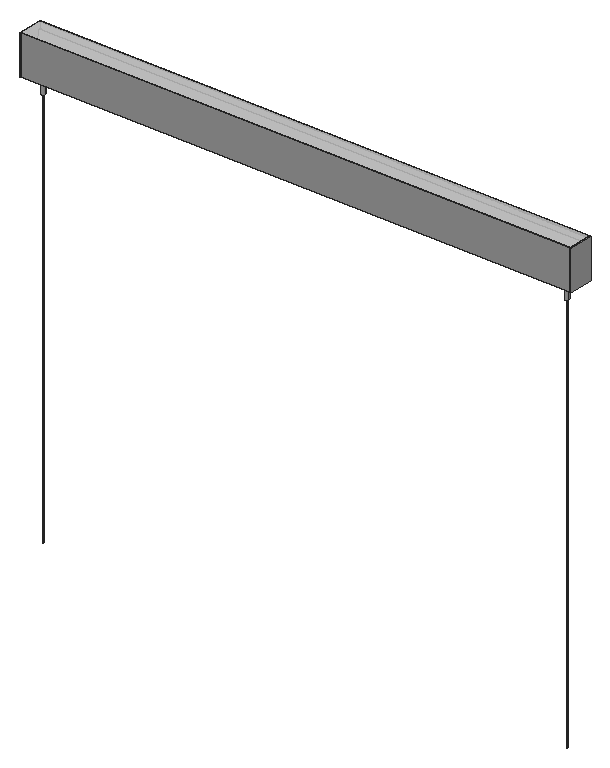
Revit family "2093151 Sylvania Lighting Fixture MC2-KIT 1-2M 3K DALI WHT PROS", category Lighting Fixtures, host Face, Revit 2016
Family settings
  Host = Face
  Part Type = Normal
  Round Connector Dimension = Use Diameter
  OmniClass Number = 23.80.70.11.17
  OmniClass Title = Specialized Lighting by Location or Use
  Cut with Voids When Loaded = No
  Light Source = Yes
  Shared = No
  Room Calculation Point = No
Parameters (values of type "2093151 MC2-KIT 1.2M 3K DALI WHT PRIS")
  Width_SYL = 54.0 mm
  Weight = "3.4 kg"
  Wattage = 21 W
  WarrantyStartDate [instance] = "n/a"
  WarrantyGuarantorParts = "n/a"
  WarrantyDurationUnit = "n/a"
  WarrantyDurationParts = "n/a"
  WarrantyDescription = "n/a"
  built-in parameter 1150110 = 1 (stored number, unit not read)
  Voltage = 0 V
  URL = "http://www.sylvania-lighting.com"
  TypeName = "MC2-KIT 1.2M 3K DALI WHT PRIS"
  built-in parameter 1114217 = 1 (stored number, unit not read)
  Tilt Angle = -90.00°
  built-in parameter 1150109 = 1 (stored number, unit not read)
  built-in parameter 1150134 = (empty or 0)
  built-in parameter 1150113 = 1 (stored number, unit not read)
  SerialNumber [instance] = "n/a"
  PowerFactor = 0.98
  PowerConsumption = "21 W"
  NominalWidth = 0.0 mm
  NominalLength = 1200.0 mm
  NominalHeight = 86.0 mm
  Name = "MC2-KIT 1.2M 3K DALI WHT PRIS"
  ModelReference = "MC2-KIT 1.2M 3K DALI WHT PRIS"
  ModelNumber = "2093151"
  Material_3_SYL = Metal_Sylvania_Mini Contiuum II_Silver
  Photometric Web File = "2093151.ies"
  Material_4_SYL = Metal_Sylvania_Mini Contiuum II_Silver
  MountingHeight_SYL [instance] = 1000.0 mm
  Material = "aluminium housing, polycarbonate diffuser"
  ManufacturerName = "Feilo Sylvania"
  LuminousEfficacy = "100 lm/W"
  LuminaireType = ""
  LightOutputRatio = "100"
  Length_SYL = 1200.0 mm
  LampsType = Lamp  # "LED"
  LampNominalLuminous = "2095 lm"
  LampMacAdamStep = "3"
  LampColourTemperature = "3000 K"
  LampColourRenderingIndex = "80"
  Keynote = "16500"
  InstallationDate [instance] = "n/a"
  InputVoltage = "n/a"
  InputNominalFrequency = "n/a"
  IngressProtection = "IP20"
  ImpactProtectionIndex = "n/a"
  IfcExportType = "IfcLightFixtureType"
  IfcExportAs = "IfcLightFixtureType"
  Height_SYL = 86.0 mm
  ExpectedLife = 50000
  Emit from Rectangle Width = Width_SYL - 2.0 mm  # 52.0 mm
  Emit from Rectangle Length = Length_SYL  # 1200.0 mm
  Emit Shape Visible in Rendering = no
  ElectricShockClassification = "Class I"
  DurationUnit = "hours"
  DocumentationLiterature = "http://www.sylvania-lighting.com/product/en-int/products/2093151"
  DimmingControlOptions = "n/a"
  CreatedOn = "10/15/2018"
  CreatedBy = "@sylvania-lighting.com"
  built-in parameter 1114216 [instance] = 1 (stored number, unit not read)
  Model = "MC2-KIT 1.2M 3K DALI WHT PRIS"
  Manufacturer = "Feilo Sylvania"
  built-in parameter 1150105 = 167.11 (stored number, unit not read)
  Lumens = 2100 lm
  built-in parameter 1150115 = 1 (stored number, unit not read)
  built-in parameter 1150137 = (empty or 0)
  built-in parameter 1150139 = (empty or 0)
  built-in parameter 1150112 = 1 (stored number, unit not read)
  built-in parameter 1150114 = 1 (stored number, unit not read)
  Lamp = "LED"
  built-in parameter 1150132 = 2
  built-in parameter 1150102 = (empty or 0)
  built-in parameter 1150107 = 3000 (stored number, unit not read)
  built-in parameter 1150138 = (empty or 0)
  built-in parameter 1150106 = 1.6711 (stored number, unit not read)
  Material_1_SYL = Metal_Sylvania_Mini Continuum II_White
  built-in parameter 1150104 = 9.2903 (stored number, unit not read)
  Dimming Lamp Color Temperature Shift = <None>
  Material_2_SYL = Polycarbonate_Sylvania_Mini Continuum II_Opal_4000K
  Description = "2093151   MC2-KIT 1.2M 3K DALI WHT PRIS  Continuous lines of LED light, white RAL 9016, direct distribution, suspended kit version is pre-wired and supplied complete with end caps and suspension cables, compact and minimalist design based on the Golden Mean, ideal for offices, meeting rooms, corridors, education facilities, museums and libraries, extruded aluminium body, diffuser: micro prismatic, colour temperature: 3000K warm white, total system power: 21W, total fixture output: 2095lm, luminaire efficacy: 100lm/W, LOR: 100%, colour rendering: Ra >80, LED Chromacity: 1 step MacAdam ellipse, lifetime: 60,000 hours at 90% of the original output (L90), energy class: A++, A+, A, IR/UV free light source without heat radiation, operating voltage: 220-240V / 50-60Hz, drive current: 800mA, electronic driver, DALI dimmable, electrical protection: CLASS I, IP20, suitable for internal environment only."
  Default Elevation = 0.0 mm
  Color Filter = 16777215
  built-in parameter 1140040 [instance] = 1
  BarCode [instance] = "n/a"
  built-in parameter 1114218 = 1 (stored number, unit not read)
  built-in parameter 1150133 = 10 (stored number, unit not read)
  AssetType = "Fixed"
  AssetIdentifier [instance] = "n/a"
  Assembly Code = "D5020200"
  Apparent Load = 21 VA
Reference planes
  plane 1 "Center (Front/Back)": y = 0
  plane 2 "Bottom Fixtures": z = 0
  plane 3 "Center (Left/Right)": x = 0
  plane 4 "Fixture Left": x = -600
  plane 5 "Fixture Right": x = 600
  plane 6 "Fixture Bottom": z = 1000
  plane 7: z = 998
  plane 8: z = 996
  plane 9: z = 986.951
  plane 10: z = 956.951
  plane 11 "Fixture Top": z = 914
  plane 12 "Mounting Right": x = 572
  plane 13 "Mounting Left": x = -572
  plane 14: z = 879
  plane 15: y = 27
  plane 16: y = -27
  plane 17: y = -26
  plane 18: y = -25
  plane 19: y = 26
  plane 20: y = 25
  plane 21: y = 11
  plane 22: y = -11
  plane 23: y = 24
  plane 24: y = 22
  plane 25: y = -22
  plane 26: y = 15
  plane 27: y = -15
  plane 28 "Upper Diffuser Left": x = -450
  plane 29 "Upper Diffuser Right": x = 450
  plane 30: x = -602
  plane 31: x = 602
Forms (mm)
  Extrusion 1, solid, material "Metal_Sylvania_Mini Continuum II_White" <- "Material_1_SYL", detail levels fine
    sketch origin (0, 0, 520) x (0, 1, 0) y (0, 0, 1)
      loop
        line (27, 480) -> (26, 480) -> (26, 478) -> (25, 478) -> (25, 396) -> (13, 396) -> (13, 398) -> (-13, 398) -> (-13, 396) -> (-25, 396) -> (-25, 478) -> (-26, 478) -> (-26, 480) -> (-27, 480) -> (-27, 394) -> (-11, 394) -> (-11, 396) -> (11, 396) -> (11, 394) -> (27, 394) -> (27, 480)
    from -600 to 600
  Extrusion 2, solid, material "Polycarbonate_Sylvania_Mini Continuum II_Opal_4000K" <- "Material_2_SYL", detail levels fine
    sketch origin (0, 0, 520) x (0, 1, 0) y (0, 0, 1)
      loop
        line (-26, 480) -> (-26, 478) -> (26, 478) -> (26, 480) -> (-26, 480)
    from -600 to 600
  Extrusion 3, solid, material "Metal_Sylvania_Mini Contiuum II_Silver" <- "Material_3_SYL", detail levels fine
    sketch origin (0, 0, 520) x (0, 1, 0) y (0, 0, 1)
      loop
        line (22, 466.951) -> (20.973, 466.951) -> (14.206, 437.951) -> (11, 437.951) -> (11, 436.951) -> (15, 436.951) -> (22, 466.951)
      loop
        line (-15, 436.951) -> (-11, 436.951) -> (-11, 437.951) -> (-14.206, 437.951) -> (-20.973, 466.951) -> (-22, 466.951) -> (-15, 436.951)
    from -600 to 600
  Extrusion 4, solid, material "Metal_Sylvania_Mini Continuum II_White" <- "Material_1_SYL", detail levels coarse+medium
    sketch origin (0, 0, 520) x (0, 1, 0) y (0, 0, 1)
      loop
        line (-27, 480) -> (-27, 394) -> (27, 394) -> (27, 480) -> (-27, 480)
    from -600 to 600
  Extrusion 5, solid, material "Metal_Sylvania_Mini Contiuum II_Silver" <- "Material_4_SYL", detail levels fine
    sketch origin (0, 0, -86) x (-1, 0, 0) y (0, -1, 0)
      loop
        circle (572, 0) r 4
      loop
        circle (-572, 0) r 4
    from 965 to 1002
  Extrusion 6, solid, material "Metal_Sylvania_Mini Contiuum II_Silver" <- "Material_4_SYL", detail levels fine
    sketch origin (0, 0, -86) x (-1, 0, 0) y (0, -1, 0)
      loop
        circle (-572, 0) r 1
      loop
        circle (572, 0) r 1
    from 86 to 965
  Extrusion 7, solid, material "Metal_Sylvania_Mini Continuum II_White" <- "Material_1_SYL"
    sketch origin (-600, 171.684, 1219.2) x (0, 1, 0) y (0, 0, 1)
      loop
        line (-198.684, -305.2) -> (-144.684, -305.2) -> (-144.684, -219.2) -> (-198.684, -219.2) -> (-198.684, -305.2)
    from 0 to -2
  Extrusion 8, solid, material "Metal_Sylvania_Mini Continuum II_White" <- "Material_1_SYL"
    sketch origin (600, 171.684, 1219.2) x (0, 1, 0) y (0, 0, -1)
      loop
        line (-144.684, 219.2) -> (-144.684, 305.2) -> (-198.684, 305.2) -> (-198.684, 219.2) -> (-144.684, 219.2)
    from 0 to -2
Lines and regions (mm)
  Masking region 1
    outline origin (0, 0, -86) x (-1, 0, 0) y (0, -1, 0)
      loop
        line (600, -27) -> (600, 27) -> (-600, 27) -> (-600, -27) -> (600, -27)
  symbolic lines, detail levels fine
    curve 1: line (-600, 26, -86) -> (600, 26, -86)
    curve 2: line (-600, -26, -86) -> (600, -26, -86)
  model lines, detail levels coarse+medium
    curve 3: line (-572, 0, 914) -> (-572, 0, 0)
    curve 4: line (572, 0, 914) -> (572, 0, 0)
Dimensions and locks
  host sketch curve to plane 3 "Center (Left/Right)" to host sketch curve = 820.0 mm, 775.047 mm
  equal spacing: plane 4 "Fixture Left", plane 3 "Center (Left/Right)", plane 5 "Fixture Right"
  "Length_SYL": plane 4 "Fixture Left" to plane 5 "Fixture Right"
  plane 6 "Fixture Bottom" to plane 7 to plane 8 to plane 9 to plane 10 = 2.0 mm locked, 2.0 mm locked, 9.049 mm locked, 30.0 mm locked
  locked: Extrusion 1 sketch curve to Extrusion 1 sketch curve at 2
  locked: Extrusion 1 sketch curve to plane 11 "Fixture Top" at 2
  "Height_SYL": plane 6 "Fixture Bottom" to plane 11 "Fixture Top"
  locked: plane 12 "Mounting Right" to plane 5 "Fixture Right" at 28
  locked: plane 4 "Fixture Left" to plane 13 "Mounting Left" at 28
  locked: plane 11 "Fixture Top" to plane 14 at 35
  "MountingHeight_SYL": plane 6 "Fixture Bottom" to plane 2 "Bottom Fixtures"
  equal spacing: plane 15, plane 1 "Center (Front/Back)", plane 16
  "Width_SYL": plane 15 to plane 16
  plane 22 to plane 27 to plane 25 to plane 18 to plane 17 to plane 16 = 4.0 mm locked, 7.0 mm locked, 3.0 mm locked, 1.0 mm locked, 1.0 mm locked
  plane 15 to plane 19 to plane 20 to plane 23 to plane 24 to plane 26 to plane 21 = 1.0 mm locked, 1.0 mm locked, 1.0 mm locked, 2.0 mm locked, 7.0 mm locked, 4.0 mm locked
  locked: plane 4 "Fixture Left" to plane 28 "Upper Diffuser Left" at 150
  locked: plane 29 "Upper Diffuser Right" to plane 5 "Fixture Right" at 150
  equal spacing: plane 30, plane 3 "Center (Left/Right)", plane 31
  locked: plane 30 to plane 4 "Fixture Left" at 2
  aligned and locked: plane 2 "Bottom Fixtures" to host face
  aligned and locked: level to host face
  aligned and locked: plane 5 "Fixture Right" to curve 1
  aligned and locked: plane 4 "Fixture Left" to curve 1
  aligned and locked: plane 4 "Fixture Left" to curve 2
  aligned and locked: plane 5 "Fixture Right" to curve 2
  aligned and locked: Extrusion 1 sketch curve to plane 7
  aligned and locked: plane 6 "Fixture Bottom" to Extrusion 1 sketch curve  (x2)
  aligned and locked: plane 7 to Extrusion 1 sketch curve
  aligned and locked: Extrusion 1 to Extrusion 2 sketch curve
  aligned and locked: Extrusion 2 sketch curve to Extrusion 1  (x3)
  aligned and locked: Extrusion 3 sketch curve to plane 10
  aligned and locked: plane 9 to Extrusion 3 sketch curve
  aligned and locked: Extrusion 3 sketch curve to plane 9
  aligned and locked: Extrusion 4 sketch curve to plane 6 "Fixture Bottom"
  aligned and locked: Extrusion 4 to plane 4 "Fixture Left"
  aligned and locked: Extrusion 2 to plane 4 "Fixture Left"
  aligned and locked: Extrusion 3 to plane 4 "Fixture Left"
  aligned and locked: Extrusion 1 to plane 4 "Fixture Left"
  aligned and locked: Extrusion 4 to plane 5 "Fixture Right"
  aligned and locked: Extrusion 2 to plane 5 "Fixture Right"
  aligned and locked: Extrusion 3 to plane 5 "Fixture Right"
  aligned and locked: Extrusion 1 to plane 5 "Fixture Right"
  aligned and locked: plane 11 "Fixture Top" to Extrusion 4 sketch curve
  aligned and locked: Extrusion 1 sketch curve to plane 11 "Fixture Top"  (x2)
  aligned and locked: Extrusion 1 sketch curve to Extrusion 1 sketch curve
  aligned and locked: plane 6 "Fixture Bottom" to imposter light
  aligned and locked: plane 11 "Fixture Top" to curve 3
  aligned and locked: plane 2 "Bottom Fixtures" to curve 3
  aligned and locked: plane 11 "Fixture Top" to curve 4
  aligned and locked: plane 2 "Bottom Fixtures" to curve 4
  aligned and locked: curve 4 to plane 12 "Mounting Right"
  aligned and locked: curve 3 to plane 13 "Mounting Left"
  aligned and locked: Extrusion 5 to Extrusion 1
  aligned and locked: Extrusion 5 to plane 14
  aligned and locked: plane 14 to Extrusion 6
  aligned and locked: Extrusion 6 to level
  aligned and locked: plane 21 to Extrusion 3 sketch curve
  aligned and locked: Extrusion 3 sketch curve to plane 22
  aligned and locked: Extrusion 7 sketch curve to Extrusion 4  (x4)
  aligned and locked: Extrusion 7 to plane 30
  aligned and locked: plane 4 "Fixture Left" to Extrusion 7
  aligned and locked: Extrusion 8 sketch curve to Extrusion 4  (x4)
  aligned and locked: plane 31 to Extrusion 8
  aligned and locked: plane 5 "Fixture Right" to Extrusion 8
Automatic sketch dimensions
  host sketch curve to host sketch curve = 1047.463 mm
  plane 19 to curve 1 = 0.0 mm
  curve 2 to plane 17 = 0.0 mm
  Masking region 1 sketch curve to plane 5 "Fixture Right" = 0.0 mm
  Masking region 1 sketch curve to plane 4 "Fixture Left" = 0.0 mm
  plane 15 to Masking region 1 sketch curve = 0.0 mm
  Masking region 1 sketch curve to plane 16 = 0.0 mm
  Extrusion 1 sketch curve to plane 16 = 0.0 mm
  Extrusion 1 sketch curve to plane 17 = 0.0 mm
  Extrusion 1 sketch curve to plane 18 = 0.0 mm
  Extrusion 1 sketch curve to plane 22 = 0.0 mm
  Extrusion 1 sketch curve to plane 21 = 0.0 mm
  Extrusion 1 sketch curve to plane 20 = 0.0 mm
  Extrusion 1 sketch curve to plane 19 = 0.0 mm
  Extrusion 1 sketch curve to plane 15 = 0.0 mm
  plane 11 "Fixture Top" to Extrusion 1 sketch curve = 2.0 mm
  Extrusion 1 sketch curve to plane 22 = 2.0 mm
  Extrusion 1 sketch curve to plane 21 = 2.0 mm
  Extrusion 3 sketch curve to plane 25 = 0.0 mm
  Extrusion 3 sketch curve to plane 27 = 0.0 mm
  Extrusion 3 sketch curve to plane 26 = 0.0 mm
  Extrusion 3 sketch curve to plane 24 = 0.0 mm
  plane 10 to Extrusion 3 sketch curve = 1.0 mm
  Extrusion 3 sketch curve to Extrusion 3 sketch curve = 1.027 mm
  plane 27 to Extrusion 3 sketch curve = 0.794 mm
  plane 26 to Extrusion 3 sketch curve = 0.794 mm
  plane 24 to Extrusion 3 sketch curve = 1.027 mm
  Extrusion 4 sketch curve to plane 16 = 0.0 mm
  Extrusion 4 sketch curve to plane 15 = 0.0 mm
  plane 1 "Center (Front/Back)" to Extrusion 5 sketch curve = 0.0 mm  (x2)
  Extrusion 5 sketch curve to plane 12 "Mounting Right" = 0.0 mm
  Extrusion 5 sketch curve to plane 13 "Mounting Left" = 0.0 mm
  plane 1 "Center (Front/Back)" to Extrusion 6 sketch curve = 0.0 mm  (x2)
  Extrusion 6 sketch curve to plane 12 "Mounting Right" = 0.0 mm
  Extrusion 6 sketch curve to plane 13 "Mounting Left" = 0.0 mm
  Extrusion 3 sketch curve to Extrusion 3 sketch curve = 0.0 mm
  Extrusion 3 sketch curve to plane 10 = 0.0 mm
  radius of Extrusion 5 sketch curve = 4.0 mm  (x2)
  radius of Extrusion 6 sketch curve = 1.0 mm  (x2)
Connectors
  electrical at (600, 0, 949), driven by "Apparent Load"
    settings: on Extrusion 1, index 1, voltage 230 V, apparent load 0 VA, apparent load phase1 21 VA, apparent load phase2 0 VA, apparent load phase3 0 VA, power factor 1, load classification "Lighting", number of poles 1, system type 31, power factor state 1, is connector primary yes, connector utility no, sub classification motor no, connector description ""
